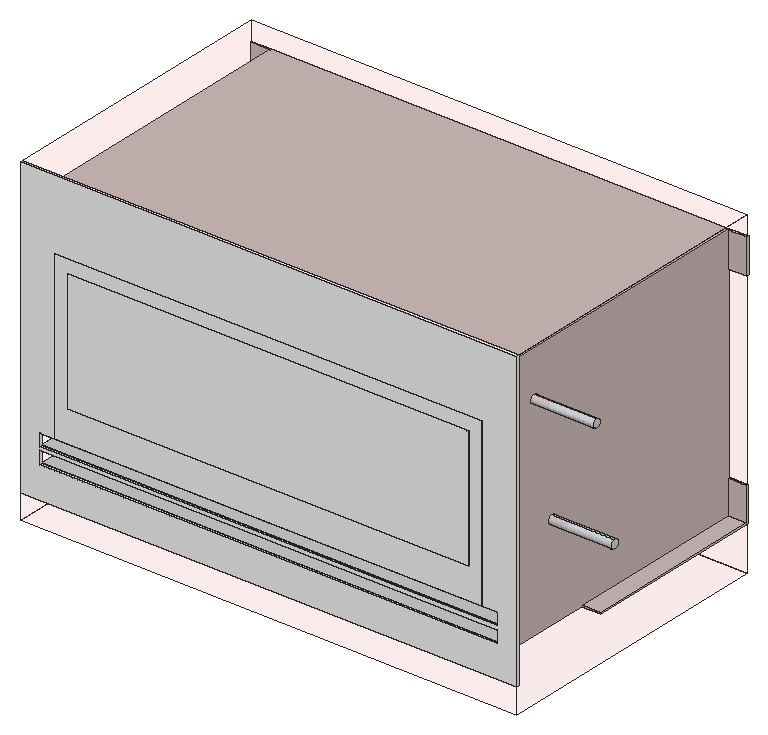
Revit family "Air-Curtain_Customer-Entry_PoweredAire_ECC-HW", category Mechanical Equipment, host Face, Revit 2020
Family settings
  Host = Face
  Round Connector Dimension = Use Diameter
  Part Type = Normal
  OmniClass Number = 23.75.35.17.21
  OmniClass Title = Air Curtains
  Cut with Voids When Loaded = No
  Shared = No
  Room Calculation Point = No
Parameters
  upperpiperotation [instance] = if(Upper Pipe Connection Side A, 0.00°, 180.00°)  # 0.00°
  lowerpiperotation [instance] = if(Lower Pipe Connection Side A, 0.00°, 180.00°)  # 0.00°
  locateupperpipe [instance] = if(Upper Pipe Connection Side A, 0' 0", Nozzle Width)  # 0' - 0"
  locatelowerpipe [instance] = if(Lower Pipe Connection Side A, 0' 0", Nozzle Width)  # 0' - 0"
  Warranty Duration (Years) = 0
  Upper Pipe Connection Side A [instance] = yes
  Unit Width Notes = "Other Widths available."  # constant formula
  Unit Width = 3' - 3"
  Unit Weight = 0
  Unit Height = 1' - 10 3/4"
  Unit Depth = 1' - 11 1/4"
  URL = "http://www.poweredaire.com/"
  Test Data = ""
  Standards Conformance = "as Specified"
  Specification = "http://www.arcat.com/sdspecs/htm04/23_34_33pai.htm"
  SpecWizard = ""
  Sound Pressure = "as Specified"
  Sales Information = "http://www.poweredaire.com/contact_us"
  Revision = "R1_2016-08"
  Projection from Host [instance] = 0' - 2"
  Product Properties = ""
  Product Data = "http://www.arcat.com/arcatcos/cos47/arc47623.html"
  Power Rating = 0 W
  Piping_Water Flow [instance] = 0 GPM
  Piping_Operating Pressure [instance] = 0.00 psi
  Piping_Exit Temperature [instance] = 0 °F
  Piping_Entry Temperature [instance] = 0 °F
  Pipe OD [instance] = 5/8"
  Nozzle Width = if(1 = 1, Unit Width - 0' 3", 0' 0")  # 3' - 0"
  Mounting Width = if(1 = 1, Unit Width - 0' 1 1/2", 0' 0")  # 3' - 1 1/2"
  Mounting Height [instance] = 3' - 6"
  Motor RPM = 0
  Motor HP = 0
  Motor Count = 0
  Model = "As Specified"
  Max Height = 0' - 0"
  Manufacturer Website = "http://www.poweredaire.com/"
  Manufacturer Phone - Toll Free = "888-321-2473"
  Manufacturer Phone = "724-588-3305"
  Manufacturer Fax = "724-588-3371"
  Manufacturer Address = "109 Mortensen Rd.  Greenville, PA 16125"
  Manufacturer = "Powered Aire, Inc"
  Maintenance Schedule (Months) = 0
  Lower Pipe Connection Side A [instance] = yes
  Keynote = "23 34 33"
  Installation-Fabrication = ""
  Installation Phase = ""
  Include Clearance [instance] = yes
  Heating Element Load = 0 W
  HVAC_Temperature Rise = 0 °F
  HVAC_Outlet Volume = 0 CFM
  HVAC_Outlet Velocity Uniformity = 0
  HVAC_Outlet Velocity = 0 FPM
  HVAC_BTU Input = 0.0 Btu/h
  Green Building-LEED = "http://www.arcat.com/green/clients/leed_data_47623.html"
  Front Grating Material [instance] = Metal - Steel - PoweredAire - White Perforated
  Frame Finish [instance] = Metal - Steel - PoweredAire - Stainless 304
  Expected Lifespan (Years) = 0
  Electrical_Wattage [instance] = Power Rating + Heating Element Load  # 0 W
  Electrical_Voltage [instance] = 0 V
  Electrical_Phase [instance] = 1
  Electrical_Frequency [instance] = 0 Hz
  Electrical_Amperage [instance] = 0 A
  Drawn By = "Sumex Design, Inc. / Robert S. Weygant, CSI, CDT, SCIP"
  Description = "Powered Aire Air Curtain as Specified"
  Default Elevation = 0' - 0"  # constant formula
  Cover Finish [instance] = Metal - Steel - PoweredAire - White
  Copyright = "©Arcat Inc."
  Construction Details = "http://www.arcat.com/details/powair/prod3336.html"
  Clearance_Top [instance] = 0' - 0"
  Clearance_Side B [instance] = 0' - 0"
  Clearance_Side A [instance] = 0' - 0"
  Clearance_Intake [instance] = 0' - 0"
  Clearance_Front [instance] = 0' - 0"
  Clearance Material [instance] = ARCAT Clearance
  Building Codes = ""
  Available Options [instance] = "as Specified"
  Assembly Code = "D3090400"
Reference planes (in)
  plane 1 "Center (Elevation)": y = 11.51318
  plane 2: z = 0
  plane 3 "Center (Left/Right)": x = 0
  plane 4: y = 22.88818
  plane 5: y = 0.13818
  plane 6: x = -19.5
  plane 7: x = 19.5
  plane 8: z = 25.25
  plane 9 "FF": y = -41.86182
  plane 10: z = 2
  plane 11: x = 18
  plane 12: x = -18
  plane 13: y = 22.88818
  plane 14: y = 0.13818
  plane 15: x = -19.5
  plane 16: x = 19.5
  plane 17: z = 25.25
  plane 18: y = 0.38818
  plane 19: x = 18
  plane 20: x = 18
  plane 21: z = 20.25
  plane 22: z = 11
Forms (in)
  Extrusion 1, solid, material "ARCAT Clearance" <- "Clearance Material", visible <- "Include Clearance"
    sketch origin (0, 0, 0) x (0, 1, 0) y (0, 0, 1)
      loop
        line (0.13818, 25.25) -> (0.13818, 0) -> (22.88818, 0) -> (22.88818, 25.25) -> (0.13818, 25.25)
    from -19.5 to 19.5
  Extrusion 2, solid, material "Metal - Steel - PoweredAire - White" <- "Cover Finish"
    sketch origin (0, 11.51318, 0) x (1, 0, 0) y (0, 0, 1)
      loop
        line (-19.5, 25.25) -> (-19.5, 2) -> (19.5, 2) -> (19.5, 25.25) -> (-19.5, 25.25)
    from 11.125 to 11.375
  Extrusion 3, solid, material "Metal - Steel - PoweredAire - Stainless 304" <- "Frame Finish"
    sketch origin (0, 11.51318, 0) x (1, 0, 0) y (0, 0, 1)
      loop
        line (18, 23.75) -> (-18, 23.75) -> (-18, 3.5) -> (18, 3.5) -> (18, 23.75)
    from -11.375 to 11.125
  Extrusion 4, void
    sketch origin (0, 0, 0) x (0, 1, 0) y (0, 0, 1)
      loop
        line (0.13818, 5.5) -> (0.13818, 4.5) -> (1.88818, 4.5) -> (1.88818, 6.75) -> (0.13818, 6.75) -> (0.13818, 5.75) -> (1.63818, 5.75) -> (1.63818, 5.5) -> (0.13818, 5.5)
    from -18 to 18
  Extrusion 5, solid, material "Metal - Steel - PoweredAire - White" <- "Cover Finish"
    sketch origin (-11.83813, 0.13818, 48) x (-1, 0, 0) y (0, 0, 1)
      loop
        line (4.91187, -41.25) -> (4.91187, -28.25) -> (-28.58813, -28.25) -> (-28.58813, -41.25) -> (4.91187, -41.25)
    from 0 to -0.03125
  Extrusion 6, solid, material "Metal - Steel - PoweredAire - White Perforated" <- "Front Grating Material"
    sketch origin (-11.83813, 0.10693, 48) x (1, 0, 0) y (0, 0, 1)
      loop
        line (-3.91187, -29.25) -> (-3.91187, -38.75) -> (27.58813, -38.75) -> (27.58813, -29.25) -> (-3.91187, -29.25)
    from 0 to 0.03125
  Extrusion 7, solid, material "Metal - Steel - PoweredAire - Stainless 304" <- "Frame Finish"
    sketch origin (-15.17702, -180, 2) x (-1, 0, 0) y (0, -1, 0)
      loop
        line (-33.17702, -202.88818) -> (-33.17702, -188.38818) -> (-34.67702, -188.38818) -> (-34.67702, -202.88818) -> (-33.17702, -202.88818)
      loop
        line (2.82298, -202.88818) -> (4.32298, -202.88818) -> (4.32298, -188.38818) -> (2.82298, -188.38818) -> (2.82298, -202.88818)
    from 1.5 to 1.625
  Extrusion 8, solid, material "Metal - Steel - PoweredAire - Stainless 304" <- "Frame Finish"
    sketch origin (-11.83813, 22.88818, 48) x (-1, 0, 0) y (0, 0, 1)
      loop
        line (7.66187, -44.5) -> (7.66187, -41.75) -> (6.16187, -41.75) -> (6.16187, -44.5) -> (7.66187, -44.5)
      loop
        line (-31.33813, -44.5) -> (-29.83813, -44.5) -> (-29.83813, -41.75) -> (-31.33813, -41.75) -> (-31.33813, -44.5)
      loop
        line (7.66187, -27) -> (7.66187, -24.25) -> (6.16187, -24.25) -> (6.16187, -27) -> (7.66187, -27)
      loop
        line (-31.33813, -27) -> (-29.83813, -27) -> (-29.83813, -24.25) -> (-31.33813, -24.25) -> (-31.33813, -27)
    from 0 to -0.125
  Sweep 9, solid
    path origin (18, 11.51318, 20.25) x (1, 0, 0) y (0, 0, 1)
      loop
        line (0, 0) -> (5, 0)
    profile origin (20.5, 11.51318, 20.25) x (0, 0, 1) y (0, -1, 0)
      loop
        circle (0, 7.875) r 0.3125
  Sweep 10, solid
    path origin (18, 11.51318, 11) x (1, 0, 0) y (0, 0, 1)
      loop
        line (0, 0) -> (5, 0)
    profile origin (20.5, 11.51318, 11) x (0, 0, 1) y (0, -1, 0)
      loop
        circle (0, 6.125) r 0.3125
Cuts and joins
  Extrusion 4 cuts Extrusion 1
  Extrusion 4 cuts Extrusion 2
  Extrusion 4 cuts Extrusion 3
Lines and regions (in)
  reference lines
    curve 1: line (18, 11.51318, 20.25) -> (25.75, 11.51318, 20.25)
    curve 2: line (18, 11.51318, 11) -> (26.25, 11.51318, 11)
Dimensions and locks (in)
  equal spacing: plane 4, plane 1 "Center (Elevation)", plane 5
  "Unit Height": plane 4 to plane 5
  equal spacing: plane 6, plane 3 "Center (Left/Right)", plane 7
  "Unit Width": plane 6 to plane 7
  "Mounting Height": plane 5 to plane 9 "FF"
  "Projection from Host": plane 10 to level
  "Unit Depth": plane 8 to plane 10
  locked: plane 6 to plane 12 at 1.5
  locked: plane 11 to plane 7 at 1.5
  "Clearance_Side A": plane 7 to plane 16
  "Clearance_Side B": plane 15 to plane 6
  "Clearance_Top": plane 13 to plane 4
  "Clearance_Intake": plane 5 to plane 14
  "Clearance_Front": plane 17 to plane 8
  locked: plane 8 to Extrusion 3 sketch curve at 1.5
  locked: Extrusion 3 sketch curve to plane 10 at 1.5
  locked: plane 7 to Extrusion 3 sketch curve at 1.5
  locked: Extrusion 3 sketch curve to plane 6 at 1.5
  locked: plane 18 to plane 5 at 0.25
  Extrusion 4 sketch curve to Extrusion 4 sketch curve to Extrusion 4 sketch curve to Extrusion 4 sketch curve to plane 10 = 0' - 1" locked, 0' - 0 1/4" locked, 0' - 1" locked, 0' - 2 1/2" locked
  Extrusion 5 sketch curve to Extrusion 5 sketch curve to plane 10 = 1' - 1" locked, 0' - 4 3/4" locked
  locked: plane 11 to Extrusion 5 sketch curve at 1.25
  locked: Extrusion 5 sketch curve to plane 12 at 1.25
  Extrusion 6 sketch curve to Extrusion 6 sketch curve to plane 10 = 0' - 9 1/2" locked, 0' - 7 1/4" locked
  locked: Extrusion 6 sketch curve to plane 12 at 2.25
  locked: plane 11 to Extrusion 6 sketch curve at 2.25
  locked: plane 4 to Extrusion 7 sketch curve at 14.5  (x2)
  Extrusion 8 sketch curve to Extrusion 8 sketch curve to Extrusion 8 sketch curve to Extrusion 8 sketch curve to plane 10 = 0' - 2 3/4" locked, 1' - 2 3/4" locked, 0' - 2 3/4" locked, 0' - 1 1/2" locked  (x2)
  "locatelowerpipe": plane 19 to plane 11
  "locateupperpipe": plane 20 to plane 11
  locked: plane 8 to plane 21 at 5
  locked: plane 22 to plane 10 at 9
  locked: curve 1 to Sweep 9 sketch curve at 5
  locked: curve 1 to Sweep 9 sketch curve
  locked: curve 2 to Sweep 10 sketch curve at 5
  locked: curve 2 to Sweep 10 sketch curve
  locked: plane 5 to Sweep 9 sketch curve at 3.5
  locked: plane 5 to Sweep 10 sketch curve at 5.25
  "lowerpiperotation": angle plane 21 to curve 1
  "upperpiperotation": angle plane 22 to curve 2
  aligned and locked: plane 2 to host face
  aligned and locked: level to host face
  aligned and locked: Extrusion 1 sketch curve to plane 17
  aligned and locked: plane 14 to Extrusion 1 sketch curve
  aligned and locked: level to Extrusion 1 sketch curve
  aligned and locked: Extrusion 1 sketch curve to plane 13
  aligned and locked: plane 16 to Extrusion 1
  aligned and locked: Extrusion 1 to plane 15
  aligned and locked: Extrusion 2 sketch curve to plane 8
  aligned and locked: plane 6 to Extrusion 2 sketch curve
  aligned and locked: Extrusion 2 sketch curve to plane 10
  aligned and locked: Extrusion 2 sketch curve to plane 7
  aligned and locked: Extrusion 3 to plane 4
  aligned and locked: Extrusion 3 to plane 18
  aligned and locked: Extrusion 2 to plane 18
  aligned and locked: Extrusion 2 to plane 5
  aligned and locked: plane 11 to Extrusion 4
  aligned and locked: Extrusion 4 to plane 12
  aligned and locked: Extrusion 7 sketch curve to plane 4  (x2)
  aligned and locked: plane 20 to curve 2
  aligned and locked: plane 22 to curve 2
  aligned and locked: plane 19 to curve 1
  aligned and locked: plane 21 to curve 1
Automatic sketch dimensions
  host sketch curve to host sketch curve = 8' - 0"  (x2)
  Extrusion 4 sketch curve to plane 5 = 0' - 0"  (x2)
  plane 18 to Extrusion 4 sketch curve = 0' - 1 1/4"
  Extrusion 4 sketch curve to Extrusion 4 sketch curve = 0' - 0 1/4"
  Extrusion 7 sketch curve to plane 7 = 0' - 0"
  Extrusion 7 sketch curve to plane 11 = 0' - 0"
  Extrusion 7 sketch curve to plane 12 = 0' - 0"
  Extrusion 7 sketch curve to plane 6 = 0' - 0"
  Extrusion 8 sketch curve to plane 7 = 0' - 0"  (x2)
  Extrusion 8 sketch curve to plane 11 = 0' - 0"  (x2)
  Extrusion 8 sketch curve to plane 12 = 0' - 0"  (x2)
  Extrusion 8 sketch curve to plane 6 = 0' - 0"  (x2)
  profile plane to Sweep 9 sketch curve = 0' - 0"
  profile plane to Sweep 10 sketch curve = 0' - 0"
  radius of Sweep 9 sketch curve = 0' - 0 5/16"
  radius of Sweep 10 sketch curve = 0' - 0 5/16"
Connectors (in)
  electrical at (-18, 6.38818, 9.625), driven by "Electrical_Voltage", driven by "Electrical_Phase"
    settings: on cut or joined group of Extrusion 3, Extrusion 4, index 1, voltage 0 V, apparent load 0 VA, apparent load phase1 0 VA, apparent load phase2 0 VA, apparent load phase3 0 VA, power factor 1, load classification "Other", number of poles 1, system type 31, power factor state 1, is connector primary yes, connector utility no, sub classification motor no, connector description ""
  piping at (23, 3.63818, 20.25), diameter 0.625, driven by "Pipe OD"
    settings: on Sweep 9, index 2, connector inside diameter 24", connector length 0' - 0", flow factor 0, pipe flow 0 GPM, pressure drop 0.00 psi, fitting loss kfactor 0, connector angle 0.00°, fixture units 0, engagement length 0' - 0", angle of deflection 0.00°, flow configuration 0, flow direction 0, fitting loss method 0, system type 29, joint type 0, gender type 0, connector reference index -1, connector utility 0, adjustable connector no, is connector primary no, connector description "Define Supply or Return and Location"
  piping at (23, 5.38818, 11), diameter 0.625, driven by "Pipe OD"
    settings: on Sweep 10, index 3, connector inside diameter 24", connector length 0' - 0", flow factor 0, pipe flow 0 GPM, pressure drop 0.00 psi, fitting loss kfactor 0, connector angle 0.00°, fixture units 0, engagement length 0' - 0", angle of deflection 0.00°, flow configuration 0, flow direction 0, fitting loss method 0, system type 29, joint type 0, gender type 0, connector reference index -1, connector utility 0, adjustable connector no, is connector primary yes, connector description "Define Supply or Return and Location"
